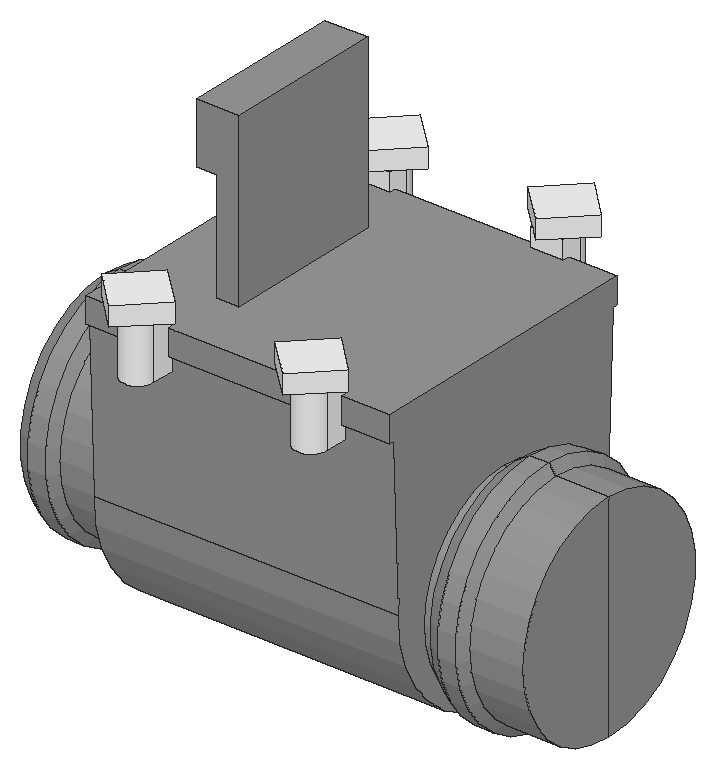
Revit family "HL_RU_Anti-flooding valve_HL712.1-A-171212", category Příslušenství trubek, Revit 2021
Family settings
  Kóta kulaté spojky = Použít průměr
  Typ dílu = Normální
  Číslo OmniClass = 23.65.55.14.21
  Nadpis OmniClass = Non-Return Valves for Liquid Services
  Založené na pracovní rovině = Ne
  Vždy vertikální = Ano
  Ořezat dutým tvarem při načtení = Ne
  Sdílené = Ne
Parameters (values of type "HL_Механический канализационный затвор_HL712.1")
  РАЗМЕР = "DN125"
  ПРОПУСКНАЯ СПОСОБНОСТЬ [instance] = 0.0 m³/h
  ПРАВОВАЯ ИНФОРМАЦИЯ = "\"Авторские права(©), права на дизайн или какие либо другие права интелектуальной собственности являются исключительной собственностью компании HL Hutterer & Lechner. Изменению не подлежит. Файл семейства с данными о прозводителе изделия защищен паролем с водяным знаком.\""
  ПАДЕНИЕ ДАВЛЕНИЯ [instance] = 0.0 Pa
  НОМИНАЛЬНЫЙ ДИАМЕТР 2 = 125 mm
  НОМИНАЛЬНЫЙ ДИАМЕТР = 125 mm
  МАТЕРИАЛ = "ABS"
  ВЫСОТА МОНТАЖА = "320 mm"
  ВЕС = "2,235 kg"
  Výrobce = "HL Hutterer & Lechner GmbH"
  Výchozí výška = 0 mm
  URL = "http://www.hutterer-lechner.com/ru/products/catalog/roof-drains/HL712.1.aspx"
  Popis = "Механический канализационный затвор"
  Model = "HL712.1"
  Komentáře k typům = "Механический канализационный затвор DN125 с заслонкой из нержавеющей стали и ручным затвором"
  Keynote = "HL712.1"
  EAN = "9003076971213"
  Cena = 0
Types (2, lengths in mm): name | URL | Popis | Komentáře k typům
  (no name) | "http://www.hutterer-lechner.com/en/products/catalog/roof-drains/HL712.1.aspx" | "Anti flood valves" | "anti-flood valve DN125 with stainless steel flap and manual blocking"
  HL_Механический канализационный затвор_HL712.1 | "http://www.hutterer-lechner.com/ru/products/catalog/roof-drains/HL712.1.aspx" | "Механический канализационный затвор" | "Механический канализационный затвор DN125 с заслонкой из нержавеющей стали и ручным затвором"
Values of the unnamed type that differ from the named types
  ПРАВОВАЯ ИНФОРМАЦИЯ = "\"Copyright (©), design rights or any other intellectual property rights, shall be the exclusive property of HL Hutterer & Lechner GmbH. Modification is not allowed. Family has been watermarked.\""
Reference planes
  plane 1 "Střed (vpředu/vzadu)": y = 0
  plane 2: z = 0
  plane 3 "Střed (vlevo/vpravo)": x = 0
Forms (mm)
  Sweep 1, solid, material "Plastic - Orange", detail levels fine
    path origin (99.75, 0, 113.4) x (1, 0, 0) y (0, 1, 0)
      loop
        line (94.75, 0) -> (-94.75, 0)
    profile origin (99.75, 0, 113.4) x (0, -1, 0) y (0, 0, 1)
      loop
        line (0, 0) -> (-88.191, 0) -> (-88.191, -16) -> (-85.007, -16) -> (-81.547, -115.07)
        arc (-81.547, -115.07) -> (-58.136, -173.311) -> (0, -196.982) r 80.412
        arc (0, -196.982) -> (58.136, -173.311) -> (81.547, -115.07) r 80.412
        line (81.547, -115.07) -> (85.007, -16) -> (88.191, -16) -> (88.191, 0) -> (0, 0)
  Extrusion 2, solid, material "Plactic - White", detail levels fine
    sketch origin (99.75, 0, 113.4) x (1, 0, 0) y (0, 1, 0)
      loop
        line (54, -121.127) -> (76.627, -98.5) -> (54, -75.873) -> (31.373, -98.5) -> (54, -121.127)
    from 11.235 to 23.235
  Extrusion 3, solid, material "Plactic - White", detail levels fine
    sketch origin (99.75, 0, 124.635) x (0, 1, 0) y (1, 0, 0)
      loop
        arc (-98.5, 64) -> (-108.5, 54) -> (-98.5, 44) r 10
        line (-98.5, 44) -> (-84.694, 44) -> (-84.694, 64) -> (-98.5, 64)
    from 0 to 37.235
  Extrusion 4, solid, material "Plactic - White", detail levels fine
    sketch origin (-8.25, 0, 113.4) x (1, 0, 0) y (0, 1, 0)
      loop
        line (54, -121.127) -> (76.627, -98.5) -> (54, -75.873) -> (31.373, -98.5) -> (54, -121.127)
    from 11.235 to 23.235
  Extrusion 5, solid, material "Plactic - White", detail levels fine
    sketch origin (-8.25, 0, 124.635) x (0, 1, 0) y (1, 0, 0)
      loop
        arc (-98.5, 64) -> (-108.5, 54) -> (-98.5, 44) r 10
        line (-98.5, 44) -> (-84.694, 44) -> (-84.694, 64) -> (-98.5, 64)
    from 0 to 37.235
  Extrusion 6, solid, material "Plactic - White", detail levels fine
    sketch origin (99.75, 0, 113.4) x (1, 0, 0) y (0, 1, 0)
      loop
        line (54, 121.127) -> (31.373, 98.5) -> (54, 75.873) -> (76.627, 98.5) -> (54, 121.127)
    from 11.235 to 23.235
  Extrusion 7, solid, material "Plactic - White", detail levels fine
    sketch origin (99.75, 0, 124.635) x (0, -1, 0) y (1, 0, 0)
      loop
        arc (-98.5, 64) -> (-108.5, 54) -> (-98.5, 44) r 10
        line (-98.5, 44) -> (-84.694, 44) -> (-84.694, 64) -> (-98.5, 64)
    from 0 to 37.235
  Extrusion 8, solid, material "Plactic - White", detail levels fine
    sketch origin (-8.25, 0, 113.4) x (1, 0, 0) y (0, 1, 0)
      loop
        line (54, 121.127) -> (31.373, 98.5) -> (54, 75.873) -> (76.627, 98.5) -> (54, 121.127)
    from 11.235 to 23.235
  Extrusion 9, solid, material "Plactic - White", detail levels fine
    sketch origin (-8.25, 0, 124.635) x (0, 1, 0) y (1, 0, 0)
      loop
        line (98.5, 64) -> (84.694, 64) -> (84.694, 44) -> (98.5, 44)
        arc (98.5, 44) -> (108.5, 54) -> (98.5, 64) r 10
    from 0 to 37.235
  Revolve 10, solid, material "Plastic - Orange", not visible, detail levels fine
    sketch origin (103.686, 0, 113.4) x (1, 0, 0) y (0, 0, 1)
      loop
        line (156.6, -128.5) -> (90.814, -128.5) -> (90.814, -191) -> (156.6, -191) -> (156.6, -128.5)
      axis (156.6, -128.5) -> (90.814, -128.5)
    angle from 0 to 360
  Revolve 11, solid, material "Plastic - Orange", detail levels fine
    sketch origin (103.686, 0, 113.4) x (1, 0, 0) y (0, 0, 1)
      loop
        line (-156.6, -113.4) -> (-156.6, -180.418) -> (-147.791, -186.042) -> (-136.164, -186.448) -> (-131.953, -180.418) -> (-98.686, -180.418) -> (-98.686, -113.4) -> (-156.6, -113.4)
      axis (-98.686, -113.4) -> (-156.6, -113.4)
    angle from 0 to 360
  Extrusion 12, solid, material "Plastic - Red", detail levels fine
    sketch origin (103.686, 0, 113.4) x (1, 0, 0) y (0, 0, 1)
      loop
        line (-60.186, 106.5) -> (-60.186, 68.5) -> (-47.686, 68.5) -> (-47.686, 0) -> (-33.686, 0) -> (-33.686, 106.5) -> (-60.186, 106.5)
    from -50 to 50
  Revolve 13, solid, material "Plastic - Orange", detail levels fine
    sketch origin (358.972, 0, 98.3) x (1, 0, 0) y (0, 0, 1)
      loop
        line (-164.472, -113.4) -> (-164.472, -175.418) -> (-156.6, -175.418) -> (-156.6, -180.418) -> (-147.791, -186.042) -> (-136.164, -186.448) -> (-131.953, -180.418) -> (-98.686, -180.418) -> (-98.686, -113.4) -> (-164.472, -113.4)
      axis (-98.686, -113.4) -> (-164.472, -113.4)
    angle from 0 to 360
Lines and regions (mm)
  model lines, style "Symbol", detail levels coarse+medium
    curve 1: line (0, 0, 0) -> (260.286, 0, -23.04)
    curve 2: line (255.143, 0, -71.52) -> (255.143, 0, 48.48)
    curve 3: line (255.143, 0, 48.48) -> (5.143, 0, 48.48)
    curve 4: line (5.143, 0, -71.52) -> (5.143, 0, 48.48)
    curve 13: line (255.143, 0, -71.52) -> (5.143, 0, -71.52)
  symbolic lines, style "Symbol", detail levels coarse+medium
    curve 5: line (260.286, 0, 0) -> (0, 0, 0)
    curve 6: line (255.143, -60, 0) -> (255.143, 60, 0)
    curve 7: line (255.143, 60, 0) -> (5.143, 60, 0)
    curve 8: line (5.143, -60, 0) -> (5.143, 60, 0)
    curve 9: line (130.143, -105, 0) -> (130.143, 105, 0)
    curve 10: line (255.143, -60, 0) -> (5.143, -60, 0)
  model lines, detail levels coarse+medium
    curve 11: line (130.143, 0, -11.52) -> (130.143, 0, 93.48)
    curve 12: line (130.143, 0, -116.52) -> (130.143, 0, -11.52)
Dimensions and locks
  aligned and locked: level to plane 2
Connectors
  piping at (0, 0, 0), diameter 125, driven by "ПАДЕНИЕ ДАВЛЕНИЯ", driven by "НОМИНАЛЬНЫЙ ДИАМЕТР", driven by "ПРОПУСКНАЯ СПОСОБНОСТЬ"
    settings: on plane 3 "Střed (vlevo/vpravo)", index 1, connector inside diameter 609.6 mm, connector length 0 mm, flow factor 0, pipe flow 0.0 m³/h, pressure drop 0.0 Pa, fitting loss kfactor 0, connector angle 0.00°, fixture units 0, engagement length 0 mm, angle of deflection 0.00°, flow configuration 0, flow direction 0, fitting loss method 4, system type 16, joint type 0, gender type 0, connector reference index -1, connector utility 0, adjustable connector no, is connector primary yes, connector description ""
  piping at (260.286, 0, -15.1), diameter 125, driven by "НОМИНАЛЬНЫЙ ДИАМЕТР 2", driven by "ПРОПУСКНАЯ СПОСОБНОСТЬ"
    settings: on Revolve 10, index 2, connector inside diameter 609.6 mm, connector length 0 mm, flow factor 0, pipe flow 0.0 m³/h, pressure drop 0.0 Pa, fitting loss kfactor 0, connector angle 0.00°, fixture units 0, engagement length 0 mm, angle of deflection 0.00°, flow configuration 1, flow direction 2, fitting loss method 4, system type 16, joint type 0, gender type 0, connector reference index -1, connector utility 0, adjustable connector no, is connector primary no, connector description ""
